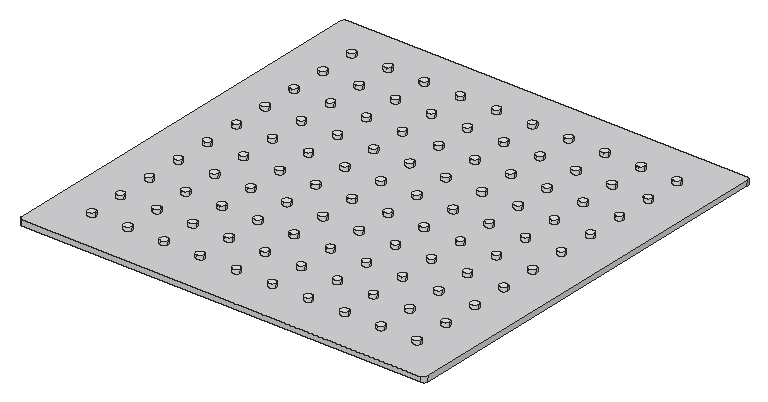
Revit family "Shower-Showerhead-KOHLER-Xpress_Katalyst-K-73038T_1", category Plumbing Fixtures, host Face, Revit 2017
Family settings
  Host = Face
  Round Connector Dimension = Use Diameter
  Part Type = Normal
  OmniClass Number = 23.31.17.00
  OmniClass Title = Showers
  Cut with Voids When Loaded = No
  Shared = No
  Room Calculation Point = No
Parameters (values of type "CP-Polished Chrome")
  Width = 8"  # constant formula
  WaterSense Certified = 1 = 0  # no
  Waste Water Outlet = "Waste Water Outlet"  # constant formula
  Waste Connection = 1 = 0  # no
  Vent Connection = 1 = 0  # no
  URL = "http://www.kohler.com.cn/"
  Type = 1
  Tempered Water Inlet = "Tempered Water Inlet"  # constant formula
  Product Page URL = "https://www.kohler.com.cn/product/K-73038T-CL-CP/K-73038T-CL-CP/"
  Product Name = "Xpress_Katalyst"  # constant formula
  Product Documentation Link = "https://files.kohler.com.cn/pdfs/ri-73038T.pdf"
  Pressure = 0.00 psi
  Model = if(Type = 1, "K-73038T-CL-CP", "NA")  # "K-73038T-CL-CP"
  Material = "Premium Metal Construction"  # constant formula
  Master Format 2014 Name = "Residential Showers"  # constant formula
  Master Format 2014 = "22 42 23"  # constant formula
  Manufacturer Address = "Kohler Beijing Office (100016) 36-2-03-B, No. 88, Liuxiang Road, Beijing"  # constant formula
  Manufacturer = "KOHLER Co."  # constant formula
  Length = 7 255/256"  # constant formula
  Hot Water Inlet = "Hot Water Inlet"  # constant formula
  Height = 2 53/128"  # constant formula
  HW Connection = 1 = 1  # yes
  Flow Rate = 0 GPM
  Finish = Kohler-Metal-CP-Polished_Chrome
  Environmental Product Declaration = ""
  Drain Included = 1 = 0  # no
  Description = "Rain shower 8"  # constant formula
  Default Elevation = 0"
  Declare Label = ""
  Date Modified = "10/09/2020"  # constant formula
  Date Created = "10/09/2020"  # constant formula
  Copyright = "Copyright KOHLER Co."  # constant formula
  Contact Us = "http://www.kohler.com.cn/contact/contact-us/"
  Cold Water Inlet = "Cold Water Inlet"  # constant formula
  CW Connection = 1 = 0  # no
  Assembly Code = "D2010700"
  ADA Compliant = 1 = 0  # no
Reference planes (in)
  plane 1 "Center (Front/Back)": y = 0
  plane 2: z = 0
  plane 3 "Center (Left/Right)": x = 0
  plane 4: y = 3.99796
  plane 5: y = -3.99814
  plane 6: x = -3.99882
  plane 7: x = 4.00118
  plane 8: z = 2.41406
  plane 9: z = 2.06305
  plane 10: z = 2.35433
  plane 11: z = 2.25998
Dimensions and locks (in)
  "Length": plane 4 to plane 5
  "Width": plane 6 to plane 7
  plane 10 to level = 2.35433"
  "Height": plane 8 to level
  plane 7 to plane 6 = 8"
  aligned and locked: plane 2 to host face
  aligned and locked: level to host face
Automatic sketch dimensions
  host sketch curve to host sketch curve = 96"  (x2)
Nested families (in)
  nested 1: "K-73038T" at (0, 0, 0), type "K-73038T"
Connectors (in)
  piping at (0, 0, 0), diameter 0.5, driven by "Flow Rate", driven by "HW Connection", driven by "Tempered Water Inlet"
    settings: on nested 1, index 1, connector inside diameter 24", connector length 0", flow factor 0, pipe flow 0 GPM, pressure drop 0.00 psi, fitting loss kfactor 0, connector angle 0.00°, fixture units 0, engagement length 0", angle of deflection 0.00°, flow configuration 0, flow direction 1, fitting loss method 0, system type 19, joint type 0, gender type 0, connector reference index -1, connector utility 1, adjustable connector no, is connector primary yes, connector description "Tempered Water Inlet"
Definition of nested family "K-73038T"
  Parameters (values of type "K-73038T")
    Material = none
  Reference planes (in)
    plane 1 "Center (Front/Back)": y = 0
    plane 2: z = 0
    plane 3 "Center (Left/Right)": x = 0
    plane 4: y = 3.99796
    plane 5: y = 3.74771
    plane 6: y = 3.19602
    plane 7: y = 2.4857
    plane 8: y = 1.77503
    plane 9: y = 1.06448
    plane 10: y = 0.35342
    plane 11: y = -3.99796
    plane 12: y = -3.74771
    plane 13: y = -3.19602
    plane 14: y = -2.4857
    plane 15: y = -1.77503
    plane 16: y = -1.06448
    plane 17: y = -0.35342
    plane 18: x = -3.99882
    plane 19: x = -3.19731
    plane 20: x = -2.48577
    plane 21: x = -1.77542
    plane 22: x = -1.06421
    plane 23: x = -0.35406
    plane 24: x = 3.99882
    plane 25: x = 3.19731
    plane 26: x = 2.48577
    plane 27: x = 1.77542
    plane 28: x = 1.06421
    plane 29: x = 0.35406
    plane 30: x = -3.74858
    plane 31: x = 3.74858
    plane 32: y = 2.98824
    plane 33: y = -2.98824
    plane 34: x = -2.90805
    plane 35: x = 2.90805
    plane 36: z = 2.41382
    plane 37: z = 2.30714
    plane 38: z = 2.35438
    plane 39: z = 2.25998
    plane 40: z = 2.24243
    plane 41: z = 2.08265
    plane 42: z = 2.06305
    plane 43: x = -0.71734
    plane 44: x = -0.6878
    plane 45: z = 0.98431
    plane 46: z = 0.86725
    plane 47: z = 0.74899
    plane 48: z = 0.5369
    plane 49: z = 0.02031
    plane 50: x = -0.49488
    plane 51: x = -0.45355
    plane 52: y = 0.71648
    plane 53: y = 0.20182
    plane 54: y = -0.20182
    plane 55: z = 0.16934
    plane 56: y = -0.71648
    plane 57: y = 0.49402
    plane 58: y = -0.49402
    plane 59: x = 0.71734
    plane 60: x = 0.6878
    plane 61: x = 0.49488
    plane 62: x = 0.45355
    plane 63: z = 1.45675
  Forms (in)
    Revolve 1, solid, material <- "Material", detail levels medium+fine
      sketch origin (-0.00366, 0, -0.0022) x (1, 0, 0) y (0, 0, 1)
        loop
          line (-0.47125, 0.00226) -> (0.00484, 0.00226) -> (0.00484, 2.16981) -> (-0.71368, 2.16981) -> (-0.71368, 0.9865) -> (-0.4358, 0.9865)
          arc (-0.4358, 0.9865) -> (-0.38706, 0.92397) -> (-0.32964, 0.86928) r 0.53745
          arc (-0.32964, 0.86928) -> (-0.30497, 0.80504) -> (-0.34757, 0.751) r 0.06961
          arc (-0.34757, 0.751) -> (-0.45197, 0.66617) -> (-0.49122, 0.53751) r 0.23047
          line (-0.49122, 0.53751) -> (-0.49122, 0.02223)
          arc (-0.49122, 0.02223) -> (-0.48537, 0.00811) -> (-0.47125, 0.00226) r 0.01997
        axis (0.00484, 2.16981) -> (0.00484, 0.00226)
      angle from 0 to 360
    Extrusion 2, solid, detail levels medium+fine
      sketch origin (0, 0, -0.33618) x (1, 0, 0) y (0, 1, 0)
        loop
          circle (3.19914, -3.1995) r 0.07415
        loop
          circle (2.48792, -3.1995) r 0.07415
        loop
          circle (1.77777, -3.1995) r 0.07415
        loop
          circle (1.06656, -3.1995) r 0.07415
        loop
          circle (0.35716, -3.1995) r 0.07415
        loop
          circle (-0.35406, -3.1995) r 0.07415
        loop
          circle (-1.06421, -3.1995) r 0.07415
        loop
          circle (-1.77542, -3.1995) r 0.07415
        loop
          circle (-2.4861, -3.1995) r 0.07415
        loop
          circle (-3.19731, -3.1995) r 0.07415
        loop
          circle (3.19914, -2.49072) r 0.07415
        loop
          circle (2.48792, -2.49072) r 0.07415
        loop
          circle (1.77777, -2.49072) r 0.07415
        loop
          circle (1.06656, -2.49072) r 0.07415
        loop
          circle (0.35716, -2.49072) r 0.07415
        loop
          circle (-0.35406, -2.49072) r 0.07415
        loop
          circle (-1.06421, -2.49072) r 0.07415
        loop
          circle (-1.77542, -2.49072) r 0.07415
        loop
          circle (-2.4861, -2.49072) r 0.07415
        loop
          circle (-3.19731, -2.49072) r 0.07415
        loop
          circle (3.20011, -1.77885) r 0.07415
        loop
          circle (2.4889, -1.77885) r 0.07415
        loop
          circle (1.77874, -1.77885) r 0.07415
        loop
          circle (1.06753, -1.77885) r 0.07415
        loop
          circle (0.35813, -1.77885) r 0.07415
        loop
          circle (-0.35308, -1.77885) r 0.07415
        loop
          circle (-1.06323, -1.77885) r 0.07415
        loop
          circle (-1.77445, -1.77885) r 0.07415
        loop
          circle (-2.48512, -1.77885) r 0.07415
        loop
          circle (-3.19633, -1.77885) r 0.07415
        loop
          circle (3.19914, -1.06793) r 0.07415
        loop
          circle (2.48792, -1.06793) r 0.07415
        loop
          circle (1.77777, -1.06793) r 0.07415
        loop
          circle (1.06656, -1.06793) r 0.07415
        loop
          circle (0.35716, -1.06793) r 0.07415
        loop
          circle (-0.35406, -1.06793) r 0.07415
        loop
          circle (-1.06421, -1.06793) r 0.07415
        loop
          circle (-1.77542, -1.06793) r 0.07415
        loop
          circle (-2.4861, -1.06793) r 0.07415
        loop
          circle (-3.19731, -1.06793) r 0.07415
        loop
          circle (3.19914, -0.3569) r 0.07415
        loop
          circle (2.48792, -0.3569) r 0.07415
        loop
          circle (1.77777, -0.3569) r 0.07415
        loop
          circle (1.06656, -0.3569) r 0.07415
        loop
          circle (0.35716, -0.3569) r 0.07415
        loop
          circle (-0.35406, -0.3569) r 0.07415
        loop
          circle (-1.06421, -0.3569) r 0.07415
        loop
          circle (-1.77542, -0.3569) r 0.07415
        loop
          circle (-2.4861, -0.3569) r 0.07415
        loop
          circle (-3.19731, -0.3569) r 0.07415
        loop
          circle (3.19914, 0.35342) r 0.07415
        loop
          circle (2.48792, 0.35342) r 0.07415
        loop
          circle (1.77777, 0.35342) r 0.07415
        loop
          circle (1.06656, 0.35342) r 0.07415
        loop
          circle (0.35716, 0.35342) r 0.07415
        loop
          circle (-0.35406, 0.35342) r 0.07415
        loop
          circle (-1.06421, 0.35342) r 0.07415
        loop
          circle (-1.77542, 0.35342) r 0.07415
        loop
          circle (-2.4861, 0.35342) r 0.07415
        loop
          circle (-3.19731, 0.35342) r 0.07415
        loop
          circle (3.19914, 1.06448) r 0.07415
        loop
          circle (2.48792, 1.06448) r 0.07415
        loop
          circle (1.77777, 1.06448) r 0.07415
        loop
          circle (1.06656, 1.06448) r 0.07415
        loop
          circle (0.35716, 1.06448) r 0.07415
        loop
          circle (-0.35406, 1.06448) r 0.07415
        loop
          circle (-1.06421, 1.06448) r 0.07415
        loop
          circle (-1.77542, 1.06448) r 0.07415
        loop
          circle (-2.4861, 1.06448) r 0.07415
        loop
          circle (-3.19731, 1.06448) r 0.07415
        loop
          circle (3.19914, 1.77503) r 0.07415
        loop
          circle (2.48792, 1.77503) r 0.07415
        loop
          circle (1.77777, 1.77503) r 0.07415
        loop
          circle (1.06656, 1.77503) r 0.07415
        loop
          circle (0.35716, 1.77503) r 0.07415
        loop
          circle (-0.35406, 1.77503) r 0.07415
        loop
          circle (-1.06421, 1.77503) r 0.07415
        loop
          circle (-1.77542, 1.77503) r 0.07415
        loop
          circle (-2.4861, 1.77503) r 0.07415
        loop
          circle (-3.19731, 1.77503) r 0.07415
        loop
          circle (3.19914, 2.4857) r 0.07415
        loop
          circle (2.48792, 2.4857) r 0.07415
        loop
          circle (1.77777, 2.4857) r 0.07415
        loop
          circle (1.06656, 2.4857) r 0.07415
        loop
          circle (0.35716, 2.4857) r 0.07415
        loop
          circle (-0.35406, 2.4857) r 0.07415
        loop
          circle (-1.06421, 2.4857) r 0.07415
        loop
          circle (-1.77542, 2.4857) r 0.07415
        loop
          circle (-2.4861, 2.4857) r 0.07415
        loop
          circle (-3.19731, 2.4857) r 0.07415
        loop
          circle (3.19914, 3.19602) r 0.07415
        loop
          circle (2.48792, 3.19602) r 0.07415
        loop
          circle (1.77777, 3.19602) r 0.07415
        loop
          circle (1.06656, 3.19602) r 0.07415
        loop
          circle (0.35716, 3.19602) r 0.07415
        loop
          circle (-0.35406, 3.19602) r 0.07415
        loop
          circle (-1.06421, 3.19602) r 0.07415
        loop
          circle (-1.77542, 3.19602) r 0.07415
        loop
          circle (-2.4861, 3.19602) r 0.07415
        loop
          circle (-3.19731, 3.19602) r 0.07415
      from 2.66005 to 2.75
    Extrusion 3, solid, material <- "Material", detail levels medium+fine
      sketch origin (0, 0, -0.0022) x (1, 0, 0) y (0, 1, 0)
        loop
          line (-3.92013, -4.00204) -> (3.92223, -4.00204)
          arc (3.92223, -4.00204) -> (3.97805, -3.97892) -> (4.00118, -3.92309) r 0.07895
          line (4.00118, -3.92309) -> (4.00118, 3.91853)
          arc (4.00118, 3.91853) -> (3.97791, 3.97469) -> (3.92175, 3.99796) r 0.07943
          line (3.92175, 3.99796) -> (-3.9201, 3.99796)
          arc (-3.9201, 3.99796) -> (-3.97577, 3.9749) -> (-3.99882, 3.91924) r 0.07872
          line (-3.99882, 3.91924) -> (-3.99882, -3.92335)
          arc (-3.99882, -3.92335) -> (-3.97577, -3.97899) -> (-3.92013, -4.00204) r 0.07869
      from 2.26218 to 2.35658
    Sweep 4, solid, material <- "Material", detail levels medium+fine
      path origin (0, 0, -0.0022) x (1, 0, 0) y (0, 1, 0)
        loop
          line (4.00118, -4.00204) -> (4.00118, 3.99796) -> (-3.99882, 3.99796) -> (-3.99882, -4.00204) -> (4.00118, -4.00204)
      profile origin (4.00118, -0.00204, -0.0022) x (-1, 0, 0) y (0, 0, 1)
        loop
          line (1.00972, 2.06524) -> (1.09096, 2.06524) -> (1.09096, 2.26218) -> (0.25025, 2.26218)
          arc (0.25025, 2.26218) -> (0.30865, 2.25776) -> (0.36573, 2.2446) r 0.3882
          line (0.36573, 2.2446) -> (0.87611, 2.08558)
          arc (0.87611, 2.08558) -> (0.94215, 2.07035) -> (1.00972, 2.06524) r 0.44914
    Extrusion 5, solid, material <- "Material", detail levels medium+fine
      sketch origin (0, 0, -0.0022) x (1, 0, 0) y (0, 1, 0)
        loop
          line (2.91021, 2.90699) -> (-2.90786, 2.90699) -> (-2.90786, -2.91108) -> (2.91021, -2.91108) -> (2.91021, 2.90699)
      from 2.06524 to 2.26218
    Extrusion 6, solid, material <- "Material", detail levels medium+fine
      sketch origin (0, 0, 0) x (1, 0, 0) y (0, 1, 0)
        loop
          circle (0, 0) r 0.25
      from 0 to 0.08537
    Extrusion 7, solid, material <- "Material", detail levels coarse
      sketch origin (0, 0, 0) x (1, 0, 0) y (0, 1, 0)
        loop
          circle (-0.03744, -0.04065) r 1.25
      from 0 to 2.32387
    Extrusion 8, solid, material <- "Material", detail levels coarse
      sketch origin (0, 0, 0) x (0, 1, 0) y (0, 0, 1)
        loop
          line (-4.03712, 2.53175) -> (-4.03712, 2.03175) -> (4.05184, 2.03175) -> (4.05184, 2.53175) -> (-4.03712, 2.53175)
      from -3.99882 to 4.00118
    Extrusion 9, void
      sketch origin (0, 0, 0) x (1, 0, 0) y (0, 0, 1)
        loop
          line (0.51051, 0.74899) -> (0.45355, 0.74899) -> (0.45355, 0.12247) -> (0.51051, 0.12247) -> (0.51051, 0.74899)
        loop
          line (-0.74859, 1.45675) -> (-0.74859, 0.98431) -> (-0.6878, 0.98431) -> (-0.6878, 1.45675) -> (-0.74859, 1.45675)
        loop
          line (-0.45355, 0.74899) -> (-0.51051, 0.74899) -> (-0.51051, 0.12247) -> (-0.45355, 0.12247) -> (-0.45355, 0.74899)
        loop
          line (0.73297, 1.45675) -> (0.6878, 1.45675) -> (0.6878, 0.98431) -> (0.73297, 0.98431) -> (0.73297, 1.45675)
      from -0.4281 to 0.46176
  Cuts and joins
    Extrusion 9 cuts Revolve 1
    joined: Revolve 1, Extrusion 3, Sweep 4, Extrusion 5
    joined: Extrusion 7, Extrusion 8
  Lines and regions (in)
    Masking region 1
      outline origin (0, 0, 0) x (1, 0, 0) y (0, 1, 0)
        loop
          line (3.9223, 3.99796) -> (-3.91944, 3.99796)
          arc (-3.91944, 3.99796) -> (-3.97557, 3.97471) -> (-3.99882, 3.91857) r 0.07939
          line (-3.99882, 3.91857) -> (-3.99882, -3.92251)
          arc (-3.99882, -3.92251) -> (-3.97553, -3.97875) -> (-3.91929, -4.00204) r 0.07953
          line (-3.91929, -4.00204) -> (3.92151, -4.00204)
          arc (3.92151, -4.00204) -> (3.97784, -3.97871) -> (4.00118, -3.92237) r 0.07967
          line (4.00118, -3.92237) -> (4.00118, 3.91908)
          arc (4.00118, 3.91908) -> (3.97808, 3.97486) -> (3.9223, 3.99796) r 0.07888
    Masking region 2
      outline origin (0, 0, 0) x (1, 0, 0) y (0, 0, 1)
        loop
          line (-3.99882, 2.35438) -> (-3.99882, 2.30714) -> (-3.99882, 2.25998) -> (-3.74849, 2.25998)
          arc (-3.74849, 2.25998) -> (-3.69017, 2.25557) -> (-3.63318, 2.24243) r 0.38761
          line (-3.63318, 2.24243) -> (-3.12199, 2.08315)
          arc (-3.12199, 2.08315) -> (-3.05668, 2.0681) -> (-2.98986, 2.06305) r 0.44417
          line (-2.98986, 2.06305) -> (-0.71734, 2.06305) -> (-0.71734, 1.45675) -> (-0.6878, 1.44771) -> (-0.6878, 0.98431) -> (-0.43947, 0.98431)
          arc (-0.43947, 0.98431) -> (-0.39072, 0.92177) -> (-0.3333, 0.86709) r 0.53745
          arc (-0.3333, 0.86709) -> (-0.30866, 0.80267) -> (-0.35156, 0.74867) r 0.06961
          arc (-0.35156, 0.74867) -> (-0.40158, 0.72101) -> (-0.44328, 0.68192) r 0.23115
          arc (-0.44328, 0.68192) -> (-0.4509, 0.66862) -> (-0.45355, 0.65353) r 0.0444
          line (-0.45355, 0.65353) -> (-0.45355, 0.16934) -> (-0.49488, 0.12801) -> (-0.49488, 0.02003)
          arc (-0.49488, 0.02003) -> (-0.48903, 0.00591) -> (-0.47491, 0.00006) r 0.01997
          line (-0.47491, 0.00006) -> (0.47491, 0.00006)
          arc (0.47491, 0.00006) -> (0.48903, 0.00591) -> (0.49488, 0.02003) r 0.01997
          line (0.49488, 0.02003) -> (0.49488, 0.13045) -> (0.45355, 0.17179) -> (0.45355, 0.65353)
          arc (0.45355, 0.65353) -> (0.4509, 0.66862) -> (0.44328, 0.68192) r 0.0444
          arc (0.44328, 0.68192) -> (0.40158, 0.72101) -> (0.35156, 0.74867) r 0.23115
          arc (0.35156, 0.74867) -> (0.30866, 0.80267) -> (0.3333, 0.86709) r 0.06961
          arc (0.3333, 0.86709) -> (0.39072, 0.92177) -> (0.43947, 0.98431) r 0.53745
          line (0.43947, 0.98431) -> (0.6878, 0.98431) -> (0.6878, 1.447) -> (0.71734, 1.45604) -> (0.71734, 2.06305) -> (2.98986, 2.06305)
          arc (2.98986, 2.06305) -> (3.05668, 2.0681) -> (3.12199, 2.08315) r 0.44417
          line (3.12199, 2.08315) -> (3.63318, 2.24243)
          arc (3.63318, 2.24243) -> (3.69017, 2.25557) -> (3.74849, 2.25998) r 0.38761
          line (3.74849, 2.25998) -> (3.99882, 2.25998) -> (3.99882, 2.30714) -> (3.99882, 2.35438) -> (3.27145, 2.35438) -> (3.27145, 2.41382) -> (3.12174, 2.41382) -> (3.12174, 2.35438) -> (2.56082, 2.35438) -> (2.56082, 2.41382) -> (2.41111, 2.41382) -> (2.41111, 2.35438) -> (1.8502, 2.35438) -> (1.8502, 2.41382) -> (1.70049, 2.41382) -> (1.70049, 2.35438) -> (1.13958, 2.35438) -> (1.13958, 2.41382) -> (0.98986, 2.41382) -> (0.98986, 2.35438) -> (0.42896, 2.35438) -> (0.42896, 2.41382) -> (0.27925, 2.41382) -> (0.27925, 2.35438) -> (-0.27925, 2.35438) -> (-0.27925, 2.41382) -> (-0.42896, 2.41382) -> (-0.42896, 2.35438) -> (-0.98986, 2.35438) -> (-0.98986, 2.41382) -> (-1.13958, 2.41382) -> (-1.13958, 2.35438) -> (-1.70049, 2.35438) -> (-1.70049, 2.41382) -> (-1.8502, 2.41382) -> (-1.8502, 2.35438) -> (-2.41111, 2.35438) -> (-2.41111, 2.41382) -> (-2.56082, 2.41382) -> (-2.56082, 2.35438) -> (-3.12174, 2.35438) -> (-3.12174, 2.41382) -> (-3.27145, 2.41382) -> (-3.27145, 2.35438) -> (-3.99882, 2.35438)
    Masking region 3
      outline origin (0, 0, 0) x (0, 1, 0) y (0, 0, 1)
        loop
          line (3.99796, 2.35438) -> (3.27059, 2.35438) -> (3.27059, 2.41382) -> (3.12088, 2.41382) -> (3.12088, 2.35438) -> (2.55996, 2.35438) -> (2.55996, 2.41382) -> (2.41025, 2.41382) -> (2.41025, 2.35438) -> (1.84934, 2.35438) -> (1.84934, 2.41382) -> (1.69962, 2.41382) -> (1.69962, 2.35438) -> (1.13871, 2.35438) -> (1.13871, 2.41382) -> (0.989, 2.41382) -> (0.989, 2.35438) -> (0.4281, 2.35438) -> (0.4281, 2.41382) -> (0.27839, 2.41382) -> (0.27839, 2.35438) -> (-0.28011, 2.35438) -> (-0.28011, 2.41382) -> (-0.42983, 2.41382) -> (-0.42983, 2.35438) -> (-0.99073, 2.35438) -> (-0.99073, 2.41382) -> (-1.14044, 2.41382) -> (-1.14044, 2.35438) -> (-1.70135, 2.35438) -> (-1.70135, 2.41382) -> (-1.85106, 2.41382) -> (-1.85106, 2.35438) -> (-2.41198, 2.35438) -> (-2.41198, 2.41382) -> (-2.56169, 2.41382) -> (-2.56169, 2.35438) -> (-3.12261, 2.35438) -> (-3.12261, 2.41382) -> (-3.27232, 2.41382) -> (-3.27232, 2.35438) -> (-3.99969, 2.35438) -> (-3.99969, 2.30714) -> (-3.99969, 2.25998) -> (-3.74935, 2.25998)
          arc (-3.74935, 2.25998) -> (-3.69103, 2.25557) -> (-3.63405, 2.24243) r 0.38761
          line (-3.63405, 2.24243) -> (-3.12285, 2.08315)
          arc (-3.12285, 2.08315) -> (-3.05755, 2.0681) -> (-2.99072, 2.06305) r 0.44417
          line (-2.99072, 2.06305) -> (-0.71648, 2.06305) -> (-0.71648, 0.98431) -> (-0.44277, 0.98431)
          arc (-0.44277, 0.98431) -> (-0.39402, 0.92177) -> (-0.33661, 0.86709) r 0.53745
          arc (-0.33661, 0.86709) -> (-0.31197, 0.80267) -> (-0.35487, 0.74867) r 0.06961
          arc (-0.35487, 0.74867) -> (-0.44432, 0.6846) -> (-0.49402, 0.58644) r 0.23115
          line (-0.49402, 0.58644) -> (-0.49402, 0.02003)
          arc (-0.49402, 0.02003) -> (-0.48817, 0.00591) -> (-0.47405, 0.00006) r 0.01997
          line (-0.47405, 0.00006) -> (0.47405, 0.00006)
          arc (0.47405, 0.00006) -> (0.48817, 0.00591) -> (0.49402, 0.02003) r 0.01997
          line (0.49402, 0.02003) -> (0.49402, 0.56315)
          arc (0.49402, 0.56315) -> (0.44762, 0.67543) -> (0.3507, 0.74867) r 0.23115
          arc (0.3507, 0.74867) -> (0.3078, 0.80267) -> (0.33244, 0.86709) r 0.06961
          arc (0.33244, 0.86709) -> (0.38985, 0.92177) -> (0.4386, 0.98431) r 0.53745
          line (0.4386, 0.98431) -> (0.71648, 0.98431) -> (0.71648, 2.06305) -> (2.989, 2.06305)
          arc (2.989, 2.06305) -> (3.05582, 2.0681) -> (3.12112, 2.08315) r 0.44417
          line (3.12112, 2.08315) -> (3.63232, 2.24243)
          arc (3.63232, 2.24243) -> (3.68931, 2.25557) -> (3.74762, 2.25998) r 0.38761
          line (3.74762, 2.25998) -> (3.99796, 2.25998) -> (3.99796, 2.30714) -> (3.99796, 2.35438)
    symbolic lines, detail levels medium+fine
      curve 1: circle (-3.19691, 3.19589, 0) r 0.07258 normal (0, 0, 1)
      curve 2: circle (-3.19691, 3.19589, 0) r 0.06766 normal (0, 0, 1)
      curve 3: circle (-3.19691, 3.19589, 0) r 0.054 normal (0, 0, 1)
      curve 4: circle (-3.19691, 3.19589, 0) r 0.04622 normal (0, 0, 1)
      curve 5: circle (-2.48577, 3.19589, 0) r 0.07258 normal (0, 0, 1)
      curve 6: circle (-2.48577, 3.19589, 0) r 0.06766 normal (0, 0, 1)
      curve 7: circle (-2.48577, 3.19589, 0) r 0.054 normal (0, 0, 1)
      curve 8: circle (-2.48577, 3.19589, 0) r 0.04622 normal (0, 0, 1)
      curve 9: circle (-1.77521, 3.19589, 0) r 0.07258 normal (0, 0, 1)
      curve 10: circle (-1.77521, 3.19589, 0) r 0.06766 normal (0, 0, 1)
      curve 11: circle (-1.77521, 3.19589, 0) r 0.054 normal (0, 0, 1)
      curve 12: circle (-1.77521, 3.19589, 0) r 0.04622 normal (0, 0, 1)
      curve 13: circle (-1.06451, 3.19589, 0) r 0.07258 normal (0, 0, 1)
      curve 14: circle (-1.06451, 3.19589, 0) r 0.06766 normal (0, 0, 1)
      curve 15: circle (-1.06451, 3.19589, 0) r 0.054 normal (0, 0, 1)
      curve 16: circle (-1.06451, 3.19589, 0) r 0.04622 normal (0, 0, 1)
      curve 17: circle (-0.35388, 3.19589, 0) r 0.07258 normal (0, 0, 1)
      curve 18: circle (-0.35388, 3.19589, 0) r 0.06766 normal (0, 0, 1)
      curve 19: circle (-0.35388, 3.19589, 0) r 0.054 normal (0, 0, 1)
      curve 20: circle (-0.35388, 3.19589, 0) r 0.04622 normal (0, 0, 1)
      curve 21: circle (-3.19691, 2.48557, 0) r 0.07258 normal (0, 0, 1)
      curve 22: circle (-3.19691, 2.48557, 0) r 0.06766 normal (0, 0, 1)
      curve 23: circle (-3.19691, 2.48557, 0) r 0.054 normal (0, 0, 1)
      curve 24: circle (-3.19691, 2.48557, 0) r 0.04622 normal (0, 0, 1)
      curve 25: circle (-2.48577, 2.48557, 0) r 0.07258 normal (0, 0, 1)
      curve 26: circle (-2.48577, 2.48557, 0) r 0.06766 normal (0, 0, 1)
      curve 27: circle (-2.48577, 2.48557, 0) r 0.054 normal (0, 0, 1)
      curve 28: circle (-2.48577, 2.48557, 0) r 0.04622 normal (0, 0, 1)
      curve 29: circle (-1.77521, 2.48557, 0) r 0.07258 normal (0, 0, 1)
      curve 30: circle (-1.77521, 2.48557, 0) r 0.06766 normal (0, 0, 1)
      curve 31: circle (-1.77521, 2.48557, 0) r 0.054 normal (0, 0, 1)
      curve 32: circle (-1.77521, 2.48557, 0) r 0.04622 normal (0, 0, 1)
      curve 33: circle (-1.06451, 2.48557, 0) r 0.07258 normal (0, 0, 1)
      curve 34: circle (-1.06451, 2.48557, 0) r 0.06766 normal (0, 0, 1)
      curve 35: circle (-1.06451, 2.48557, 0) r 0.054 normal (0, 0, 1)
      curve 36: circle (-1.06451, 2.48557, 0) r 0.04622 normal (0, 0, 1)
      curve 37: circle (-0.35388, 2.48557, 0) r 0.07258 normal (0, 0, 1)
      curve 38: circle (-0.35388, 2.48557, 0) r 0.06766 normal (0, 0, 1)
      curve 39: circle (-0.35388, 2.48557, 0) r 0.054 normal (0, 0, 1)
      curve 40: circle (-0.35388, 2.48557, 0) r 0.04622 normal (0, 0, 1)
      curve 41: circle (-3.19691, 1.77458, 0) r 0.07258 normal (0, 0, 1)
      curve 42: circle (-3.19691, 1.77458, 0) r 0.06766 normal (0, 0, 1)
      curve 43: circle (-3.19691, 1.77458, 0) r 0.054 normal (0, 0, 1)
      curve 44: circle (-3.19691, 1.77458, 0) r 0.04622 normal (0, 0, 1)
      curve 45: circle (-2.48577, 1.77458, 0) r 0.07258 normal (0, 0, 1)
      curve 46: circle (-2.48577, 1.77458, 0) r 0.06766 normal (0, 0, 1)
      curve 47: circle (-2.48577, 1.77458, 0) r 0.054 normal (0, 0, 1)
      curve 48: circle (-2.48577, 1.77458, 0) r 0.04622 normal (0, 0, 1)
      curve 49: circle (-1.77521, 1.77458, 0) r 0.07258 normal (0, 0, 1)
      curve 50: circle (-1.77521, 1.77458, 0) r 0.06766 normal (0, 0, 1)
      curve 51: circle (-1.77521, 1.77458, 0) r 0.054 normal (0, 0, 1)
      curve 52: circle (-1.77521, 1.77458, 0) r 0.04622 normal (0, 0, 1)
      curve 53: circle (-1.06451, 1.77458, 0) r 0.07258 normal (0, 0, 1)
      curve 54: circle (-1.06451, 1.77458, 0) r 0.06766 normal (0, 0, 1)
      curve 55: circle (-1.06451, 1.77458, 0) r 0.054 normal (0, 0, 1)
      curve 56: circle (-1.06451, 1.77458, 0) r 0.04622 normal (0, 0, 1)
      curve 57: circle (-0.35388, 1.77458, 0) r 0.07258 normal (0, 0, 1)
      curve 58: circle (-0.35388, 1.77458, 0) r 0.06766 normal (0, 0, 1)
      curve 59: circle (-0.35388, 1.77458, 0) r 0.054 normal (0, 0, 1)
      curve 60: circle (-0.35388, 1.77458, 0) r 0.04622 normal (0, 0, 1)
      curve 61: circle (-3.19691, 1.06411, 0) r 0.07258 normal (0, 0, 1)
      curve 62: circle (-3.19691, 1.06411, 0) r 0.06766 normal (0, 0, 1)
      curve 63: circle (-3.19691, 1.06411, 0) r 0.054 normal (0, 0, 1)
      curve 64: circle (-3.19691, 1.06411, 0) r 0.04622 normal (0, 0, 1)
      curve 65: circle (-2.48577, 1.06411, 0) r 0.07258 normal (0, 0, 1)
      curve 66: circle (-2.48577, 1.06411, 0) r 0.06766 normal (0, 0, 1)
      curve 67: circle (-2.48577, 1.06411, 0) r 0.054 normal (0, 0, 1)
      curve 68: circle (-2.48577, 1.06411, 0) r 0.04622 normal (0, 0, 1)
      curve 69: circle (-1.77521, 1.06411, 0) r 0.07258 normal (0, 0, 1)
      curve 70: circle (-1.77521, 1.06411, 0) r 0.06766 normal (0, 0, 1)
      curve 71: circle (-1.77521, 1.06411, 0) r 0.054 normal (0, 0, 1)
      curve 72: circle (-1.77521, 1.06411, 0) r 0.04622 normal (0, 0, 1)
      curve 73: circle (-1.06451, 1.06411, 0) r 0.07258 normal (0, 0, 1)
      curve 74: circle (-1.06451, 1.06411, 0) r 0.06766 normal (0, 0, 1)
      curve 75: circle (-1.06451, 1.06411, 0) r 0.054 normal (0, 0, 1)
      curve 76: circle (-1.06451, 1.06411, 0) r 0.04622 normal (0, 0, 1)
      curve 77: circle (-0.35388, 1.06411, 0) r 0.07258 normal (0, 0, 1)
      curve 78: circle (-0.35388, 1.06411, 0) r 0.06766 normal (0, 0, 1)
      curve 79: circle (-0.35388, 1.06411, 0) r 0.054 normal (0, 0, 1)
      curve 80: circle (-0.35388, 1.06411, 0) r 0.04622 normal (0, 0, 1)
      curve 81: circle (-3.19691, 0.3534, 0) r 0.07258 normal (0, 0, 1)
      curve 82: circle (-3.19691, 0.3534, 0) r 0.06766 normal (0, 0, 1)
      curve 83: circle (-3.19691, 0.3534, 0) r 0.054 normal (0, 0, 1)
      curve 84: circle (-3.19691, 0.3534, 0) r 0.04622 normal (0, 0, 1)
      curve 85: circle (-2.48577, 0.3534, 0) r 0.07258 normal (0, 0, 1)
      curve 86: circle (-2.48577, 0.3534, 0) r 0.06766 normal (0, 0, 1)
      curve 87: circle (-2.48577, 0.3534, 0) r 0.054 normal (0, 0, 1)
      curve 88: circle (-2.48577, 0.3534, 0) r 0.04622 normal (0, 0, 1)
      curve 89: circle (-1.77521, 0.3534, 0) r 0.07258 normal (0, 0, 1)
      curve 90: circle (-1.77521, 0.3534, 0) r 0.06766 normal (0, 0, 1)
      curve 91: circle (-1.77521, 0.3534, 0) r 0.054 normal (0, 0, 1)
      curve 92: circle (-1.77521, 0.3534, 0) r 0.04622 normal (0, 0, 1)
      curve 93: circle (-1.06451, 0.3534, 0) r 0.07258 normal (0, 0, 1)
      curve 94: circle (-1.06451, 0.3534, 0) r 0.06766 normal (0, 0, 1)
      curve 95: circle (-1.06451, 0.3534, 0) r 0.054 normal (0, 0, 1)
      curve 96: circle (-1.06451, 0.3534, 0) r 0.04622 normal (0, 0, 1)
      curve 97: circle (-0.35388, 0.3534, 0) r 0.07258 normal (0, 0, 1)
      curve 98: circle (-0.35388, 0.3534, 0) r 0.06766 normal (0, 0, 1)
      curve 99: circle (-0.35388, 0.3534, 0) r 0.054 normal (0, 0, 1)
      curve 100: circle (-0.35388, 0.3534, 0) r 0.04622 normal (0, 0, 1)
      curve 101: circle (-3.19691, -3.19589, 0) r 0.07258 normal (0, 0, -1)
      curve 102: circle (-3.19691, -3.19589, 0) r 0.06766 normal (0, 0, -1)
      curve 103: circle (-3.19691, -3.19589, 0) r 0.054 normal (0, 0, -1)
      curve 104: circle (-3.19691, -3.19589, 0) r 0.04622 normal (0, 0, -1)
      curve 105: circle (-2.48577, -3.19589, 0) r 0.07258 normal (0, 0, -1)
      curve 106: circle (-2.48577, -3.19589, 0) r 0.06766 normal (0, 0, -1)
      curve 107: circle (-2.48577, -3.19589, 0) r 0.054 normal (0, 0, -1)
      curve 108: circle (-2.48577, -3.19589, 0) r 0.04622 normal (0, 0, -1)
      curve 109: circle (-1.77521, -3.19589, 0) r 0.07258 normal (0, 0, -1)
      curve 110: circle (-1.77521, -3.19589, 0) r 0.06766 normal (0, 0, -1)
      curve 111: circle (-1.77521, -3.19589, 0) r 0.054 normal (0, 0, -1)
      curve 112: circle (-1.77521, -3.19589, 0) r 0.04622 normal (0, 0, -1)
      curve 113: circle (-1.06451, -3.19589, 0) r 0.07258 normal (0, 0, -1)
      curve 114: circle (-1.06451, -3.19589, 0) r 0.06766 normal (0, 0, -1)
      curve 115: circle (-1.06451, -3.19589, 0) r 0.054 normal (0, 0, -1)
      curve 116: circle (-1.06451, -3.19589, 0) r 0.04622 normal (0, 0, -1)
      curve 117: circle (-0.35388, -3.19589, 0) r 0.07258 normal (0, 0, -1)
      curve 118: circle (-0.35388, -3.19589, 0) r 0.06766 normal (0, 0, -1)
      curve 119: circle (-0.35388, -3.19589, 0) r 0.054 normal (0, 0, -1)
      curve 120: circle (-0.35388, -3.19589, 0) r 0.04622 normal (0, 0, -1)
      curve 121: circle (-3.19691, -2.48557, 0) r 0.07258 normal (0, 0, -1)
      curve 122: circle (-3.19691, -2.48557, 0) r 0.06766 normal (0, 0, -1)
      curve 123: circle (-3.19691, -2.48557, 0) r 0.054 normal (0, 0, -1)
      curve 124: circle (-3.19691, -2.48557, 0) r 0.04622 normal (0, 0, -1)
      curve 125: circle (-2.48577, -2.48557, 0) r 0.07258 normal (0, 0, -1)
      curve 126: circle (-2.48577, -2.48557, 0) r 0.06766 normal (0, 0, -1)
      curve 127: circle (-2.48577, -2.48557, 0) r 0.054 normal (0, 0, -1)
      curve 128: circle (-2.48577, -2.48557, 0) r 0.04622 normal (0, 0, -1)
      curve 129: circle (-1.77521, -2.48557, 0) r 0.07258 normal (0, 0, -1)
      curve 130: circle (-1.77521, -2.48557, 0) r 0.06766 normal (0, 0, -1)
      curve 131: circle (-1.77521, -2.48557, 0) r 0.054 normal (0, 0, -1)
      curve 132: circle (-1.77521, -2.48557, 0) r 0.04622 normal (0, 0, -1)
      curve 133: circle (-1.06451, -2.48557, 0) r 0.07258 normal (0, 0, -1)
      curve 134: circle (-1.06451, -2.48557, 0) r 0.06766 normal (0, 0, -1)
      curve 135: circle (-1.06451, -2.48557, 0) r 0.054 normal (0, 0, -1)
      curve 136: circle (-1.06451, -2.48557, 0) r 0.04622 normal (0, 0, -1)
      curve 137: circle (-0.35388, -2.48557, 0) r 0.07258 normal (0, 0, -1)
      curve 138: circle (-0.35388, -2.48557, 0) r 0.06766 normal (0, 0, -1)
      curve 139: circle (-0.35388, -2.48557, 0) r 0.054 normal (0, 0, -1)
      curve 140: circle (-0.35388, -2.48557, 0) r 0.04622 normal (0, 0, -1)
      curve 141: circle (-3.19691, -1.77458, 0) r 0.07258 normal (0, 0, -1)
      curve 142: circle (-3.19691, -1.77458, 0) r 0.06766 normal (0, 0, -1)
      curve 143: circle (-3.19691, -1.77458, 0) r 0.054 normal (0, 0, -1)
      curve 144: circle (-3.19691, -1.77458, 0) r 0.04622 normal (0, 0, -1)
      curve 145: circle (-2.48577, -1.77458, 0) r 0.07258 normal (0, 0, -1)
      curve 146: circle (-2.48577, -1.77458, 0) r 0.06766 normal (0, 0, -1)
      curve 147: circle (-2.48577, -1.77458, 0) r 0.054 normal (0, 0, -1)
      curve 148: circle (-2.48577, -1.77458, 0) r 0.04622 normal (0, 0, -1)
      curve 149: circle (-1.77521, -1.77458, 0) r 0.07258 normal (0, 0, -1)
      curve 150: circle (-1.77521, -1.77458, 0) r 0.06766 normal (0, 0, -1)
      curve 151: circle (-1.77521, -1.77458, 0) r 0.054 normal (0, 0, -1)
      curve 152: circle (-1.77521, -1.77458, 0) r 0.04622 normal (0, 0, -1)
      curve 153: circle (-1.06451, -1.77458, 0) r 0.07258 normal (0, 0, -1)
      curve 154: circle (-1.06451, -1.77458, 0) r 0.06766 normal (0, 0, -1)
      curve 155: circle (-1.06451, -1.77458, 0) r 0.054 normal (0, 0, -1)
      curve 156: circle (-1.06451, -1.77458, 0) r 0.04622 normal (0, 0, -1)
      curve 157: circle (-0.35388, -1.77458, 0) r 0.07258 normal (0, 0, -1)
      curve 158: circle (-0.35388, -1.77458, 0) r 0.06766 normal (0, 0, -1)
      curve 159: circle (-0.35388, -1.77458, 0) r 0.054 normal (0, 0, -1)
      curve 160: circle (-0.35388, -1.77458, 0) r 0.04622 normal (0, 0, -1)
      curve 161: circle (-3.19691, -1.06411, 0) r 0.07258 normal (0, 0, -1)
      curve 162: circle (-3.19691, -1.06411, 0) r 0.06766 normal (0, 0, -1)
      curve 163: circle (-3.19691, -1.06411, 0) r 0.054 normal (0, 0, -1)
      curve 164: circle (-3.19691, -1.06411, 0) r 0.04622 normal (0, 0, -1)
      curve 165: circle (-2.48577, -1.06411, 0) r 0.07258 normal (0, 0, -1)
      curve 166: circle (-2.48577, -1.06411, 0) r 0.06766 normal (0, 0, -1)
      curve 167: circle (-2.48577, -1.06411, 0) r 0.054 normal (0, 0, -1)
      curve 168: circle (-2.48577, -1.06411, 0) r 0.04622 normal (0, 0, -1)
      curve 169: circle (-1.77521, -1.06411, 0) r 0.07258 normal (0, 0, -1)
      curve 170: circle (-1.77521, -1.06411, 0) r 0.06766 normal (0, 0, -1)
      curve 171: circle (-1.77521, -1.06411, 0) r 0.054 normal (0, 0, -1)
      curve 172: circle (-1.77521, -1.06411, 0) r 0.04622 normal (0, 0, -1)
      curve 173: circle (-1.06451, -1.06411, 0) r 0.07258 normal (0, 0, -1)
      curve 174: circle (-1.06451, -1.06411, 0) r 0.06766 normal (0, 0, -1)
      curve 175: circle (-1.06451, -1.06411, 0) r 0.054 normal (0, 0, -1)
      curve 176: circle (-1.06451, -1.06411, 0) r 0.04622 normal (0, 0, -1)
      curve 177: circle (-0.35388, -1.06411, 0) r 0.07258 normal (0, 0, -1)
      curve 178: circle (-0.35388, -1.06411, 0) r 0.06766 normal (0, 0, -1)
      curve 179: circle (-0.35388, -1.06411, 0) r 0.054 normal (0, 0, -1)
      curve 180: circle (-0.35388, -1.06411, 0) r 0.04622 normal (0, 0, -1)
      curve 181: circle (-3.19691, -0.3534, 0) r 0.07258 normal (0, 0, -1)
      curve 182: circle (-3.19691, -0.3534, 0) r 0.06766 normal (0, 0, -1)
      curve 183: circle (-3.19691, -0.3534, 0) r 0.054 normal (0, 0, -1)
      curve 184: circle (-3.19691, -0.3534, 0) r 0.04622 normal (0, 0, -1)
      curve 185: circle (-2.48577, -0.3534, 0) r 0.07258 normal (0, 0, -1)
      curve 186: circle (-2.48577, -0.3534, 0) r 0.06766 normal (0, 0, -1)
      curve 187: circle (-2.48577, -0.3534, 0) r 0.054 normal (0, 0, -1)
      curve 188: circle (-2.48577, -0.3534, 0) r 0.04622 normal (0, 0, -1)
      curve 189: circle (-1.77521, -0.3534, 0) r 0.07258 normal (0, 0, -1)
      curve 190: circle (-1.77521, -0.3534, 0) r 0.06766 normal (0, 0, -1)
      curve 191: circle (-1.77521, -0.3534, 0) r 0.054 normal (0, 0, -1)
      curve 192: circle (-1.77521, -0.3534, 0) r 0.04622 normal (0, 0, -1)
      curve 193: circle (-1.06451, -0.3534, 0) r 0.07258 normal (0, 0, -1)
      curve 194: circle (-1.06451, -0.3534, 0) r 0.06766 normal (0, 0, -1)
      curve 195: circle (-1.06451, -0.3534, 0) r 0.054 normal (0, 0, -1)
      curve 196: circle (-1.06451, -0.3534, 0) r 0.04622 normal (0, 0, -1)
      curve 197: circle (-0.35388, -0.3534, 0) r 0.07258 normal (0, 0, -1)
      curve 198: circle (-0.35388, -0.3534, 0) r 0.06766 normal (0, 0, -1)
      curve 199: circle (-0.35388, -0.3534, 0) r 0.054 normal (0, 0, -1)
      curve 200: circle (-0.35388, -0.3534, 0) r 0.04622 normal (0, 0, -1)
      curve 201: circle (3.19691, 3.19589, 0) r 0.07258 normal (0, 0, -1)
      curve 202: circle (3.19691, 3.19589, 0) r 0.06766 normal (0, 0, -1)
      curve 203: circle (3.19691, 3.19589, 0) r 0.054 normal (0, 0, -1)
      curve 204: circle (3.19691, 3.19589, 0) r 0.04622 normal (0, 0, -1)
      curve 205: circle (2.48577, 3.19589, 0) r 0.07258 normal (0, 0, -1)
      curve 206: circle (2.48577, 3.19589, 0) r 0.06766 normal (0, 0, -1)
      curve 207: circle (2.48577, 3.19589, 0) r 0.054 normal (0, 0, -1)
      curve 208: circle (2.48577, 3.19589, 0) r 0.04622 normal (0, 0, -1)
      curve 209: circle (1.77521, 3.19589, 0) r 0.07258 normal (0, 0, -1)
      curve 210: circle (1.77521, 3.19589, 0) r 0.06766 normal (0, 0, -1)
      curve 211: circle (1.77521, 3.19589, 0) r 0.054 normal (0, 0, -1)
      curve 212: circle (1.77521, 3.19589, 0) r 0.04622 normal (0, 0, -1)
      curve 213: circle (1.06451, 3.19589, 0) r 0.07258 normal (0, 0, -1)
      curve 214: circle (1.06451, 3.19589, 0) r 0.06766 normal (0, 0, -1)
      curve 215: circle (1.06451, 3.19589, 0) r 0.054 normal (0, 0, -1)
      curve 216: circle (1.06451, 3.19589, 0) r 0.04622 normal (0, 0, -1)
      curve 217: circle (0.35388, 3.19589, 0) r 0.07258 normal (0, 0, -1)
      curve 218: circle (0.35388, 3.19589, 0) r 0.06766 normal (0, 0, -1)
      curve 219: circle (0.35388, 3.19589, 0) r 0.054 normal (0, 0, -1)
      curve 220: circle (0.35388, 3.19589, 0) r 0.04622 normal (0, 0, -1)
      curve 221: circle (3.19691, 2.48557, 0) r 0.07258 normal (0, 0, -1)
      curve 222: circle (3.19691, 2.48557, 0) r 0.06766 normal (0, 0, -1)
      curve 223: circle (3.19691, 2.48557, 0) r 0.054 normal (0, 0, -1)
      curve 224: circle (3.19691, 2.48557, 0) r 0.04622 normal (0, 0, -1)
      curve 225: circle (2.48577, 2.48557, 0) r 0.07258 normal (0, 0, -1)
      curve 226: circle (2.48577, 2.48557, 0) r 0.06766 normal (0, 0, -1)
      curve 227: circle (2.48577, 2.48557, 0) r 0.054 normal (0, 0, -1)
      curve 228: circle (2.48577, 2.48557, 0) r 0.04622 normal (0, 0, -1)
      curve 229: circle (1.77521, 2.48557, 0) r 0.07258 normal (0, 0, -1)
      curve 230: circle (1.77521, 2.48557, 0) r 0.06766 normal (0, 0, -1)
      curve 231: circle (1.77521, 2.48557, 0) r 0.054 normal (0, 0, -1)
      curve 232: circle (1.77521, 2.48557, 0) r 0.04622 normal (0, 0, -1)
      curve 233: circle (1.06451, 2.48557, 0) r 0.07258 normal (0, 0, -1)
      curve 234: circle (1.06451, 2.48557, 0) r 0.06766 normal (0, 0, -1)
      curve 235: circle (1.06451, 2.48557, 0) r 0.054 normal (0, 0, -1)
      curve 236: circle (1.06451, 2.48557, 0) r 0.04622 normal (0, 0, -1)
      curve 237: circle (0.35388, 2.48557, 0) r 0.07258 normal (0, 0, -1)
      curve 238: circle (0.35388, 2.48557, 0) r 0.06766 normal (0, 0, -1)
      curve 239: circle (0.35388, 2.48557, 0) r 0.054 normal (0, 0, -1)
      curve 240: circle (0.35388, 2.48557, 0) r 0.04622 normal (0, 0, -1)
      curve 241: circle (3.19691, 1.77458, 0) r 0.07258 normal (0, 0, -1)
      curve 242: circle (3.19691, 1.77458, 0) r 0.06766 normal (0, 0, -1)
      curve 243: circle (3.19691, 1.77458, 0) r 0.054 normal (0, 0, -1)
      curve 244: circle (3.19691, 1.77458, 0) r 0.04622 normal (0, 0, -1)
      curve 245: circle (2.48577, 1.77458, 0) r 0.07258 normal (0, 0, -1)
      curve 246: circle (2.48577, 1.77458, 0) r 0.06766 normal (0, 0, -1)
      curve 247: circle (2.48577, 1.77458, 0) r 0.054 normal (0, 0, -1)
      curve 248: circle (2.48577, 1.77458, 0) r 0.04622 normal (0, 0, -1)
      curve 249: circle (1.77521, 1.77458, 0) r 0.07258 normal (0, 0, -1)
      curve 250: circle (1.77521, 1.77458, 0) r 0.06766 normal (0, 0, -1)
      curve 251: circle (1.77521, 1.77458, 0) r 0.054 normal (0, 0, -1)
      curve 252: circle (1.77521, 1.77458, 0) r 0.04622 normal (0, 0, -1)
      curve 253: circle (1.06451, 1.77458, 0) r 0.07258 normal (0, 0, -1)
      curve 254: circle (1.06451, 1.77458, 0) r 0.06766 normal (0, 0, -1)
      curve 255: circle (1.06451, 1.77458, 0) r 0.054 normal (0, 0, -1)
      curve 256: circle (1.06451, 1.77458, 0) r 0.04622 normal (0, 0, -1)
      curve 257: circle (0.35388, 1.77458, 0) r 0.07258 normal (0, 0, -1)
      curve 258: circle (0.35388, 1.77458, 0) r 0.06766 normal (0, 0, -1)
      curve 259: circle (0.35388, 1.77458, 0) r 0.054 normal (0, 0, -1)
      curve 260: circle (0.35388, 1.77458, 0) r 0.04622 normal (0, 0, -1)
      curve 261: circle (3.19691, 1.06411, 0) r 0.07258 normal (0, 0, -1)
      curve 262: circle (3.19691, 1.06411, 0) r 0.06766 normal (0, 0, -1)
      curve 263: circle (3.19691, 1.06411, 0) r 0.054 normal (0, 0, -1)
      curve 264: circle (3.19691, 1.06411, 0) r 0.04622 normal (0, 0, -1)
      curve 265: circle (2.48577, 1.06411, 0) r 0.07258 normal (0, 0, -1)
      curve 266: circle (2.48577, 1.06411, 0) r 0.06766 normal (0, 0, -1)
      curve 267: circle (2.48577, 1.06411, 0) r 0.054 normal (0, 0, -1)
      curve 268: circle (2.48577, 1.06411, 0) r 0.04622 normal (0, 0, -1)
      curve 269: circle (1.77521, 1.06411, 0) r 0.07258 normal (0, 0, -1)
      curve 270: circle (1.77521, 1.06411, 0) r 0.06766 normal (0, 0, -1)
      curve 271: circle (1.77521, 1.06411, 0) r 0.054 normal (0, 0, -1)
      curve 272: circle (1.77521, 1.06411, 0) r 0.04622 normal (0, 0, -1)
      curve 273: circle (1.06451, 1.06411, 0) r 0.07258 normal (0, 0, -1)
      curve 274: circle (1.06451, 1.06411, 0) r 0.06766 normal (0, 0, -1)
      curve 275: circle (1.06451, 1.06411, 0) r 0.054 normal (0, 0, -1)
      curve 276: circle (1.06451, 1.06411, 0) r 0.04622 normal (0, 0, -1)
      curve 277: circle (0.35388, 1.06411, 0) r 0.07258 normal (0, 0, -1)
      curve 278: circle (0.35388, 1.06411, 0) r 0.06766 normal (0, 0, -1)
      curve 279: circle (0.35388, 1.06411, 0) r 0.054 normal (0, 0, -1)
      curve 280: circle (0.35388, 1.06411, 0) r 0.04622 normal (0, 0, -1)
      curve 281: circle (3.19691, 0.3534, 0) r 0.07258 normal (0, 0, -1)
      curve 282: circle (3.19691, 0.3534, 0) r 0.06766 normal (0, 0, -1)
      curve 283: circle (3.19691, 0.3534, 0) r 0.054 normal (0, 0, -1)
      curve 284: circle (3.19691, 0.3534, 0) r 0.04622 normal (0, 0, -1)
      curve 285: circle (2.48577, 0.3534, 0) r 0.07258 normal (0, 0, -1)
      curve 286: circle (2.48577, 0.3534, 0) r 0.06766 normal (0, 0, -1)
      curve 287: circle (2.48577, 0.3534, 0) r 0.054 normal (0, 0, -1)
      curve 288: circle (2.48577, 0.3534, 0) r 0.04622 normal (0, 0, -1)
      curve 289: circle (1.77521, 0.3534, 0) r 0.07258 normal (0, 0, -1)
      curve 290: circle (1.77521, 0.3534, 0) r 0.06766 normal (0, 0, -1)
      curve 291: circle (1.77521, 0.3534, 0) r 0.054 normal (0, 0, -1)
      curve 292: circle (1.77521, 0.3534, 0) r 0.04622 normal (0, 0, -1)
      curve 293: circle (1.06451, 0.3534, 0) r 0.07258 normal (0, 0, -1)
      curve 294: circle (1.06451, 0.3534, 0) r 0.06766 normal (0, 0, -1)
      curve 295: circle (1.06451, 0.3534, 0) r 0.054 normal (0, 0, -1)
      curve 296: circle (1.06451, 0.3534, 0) r 0.04622 normal (0, 0, -1)
      curve 297: circle (0.35388, 0.3534, 0) r 0.07258 normal (0, 0, -1)
      curve 298: circle (0.35388, 0.3534, 0) r 0.06766 normal (0, 0, -1)
      curve 299: circle (0.35388, 0.3534, 0) r 0.054 normal (0, 0, -1)
      curve 300: circle (0.35388, 0.3534, 0) r 0.04622 normal (0, 0, -1)
      curve 301: circle (3.19691, -3.19589, 0) r 0.07258 normal (0, 0, 1)
      curve 302: circle (3.19691, -3.19589, 0) r 0.06766 normal (0, 0, 1)
      curve 303: circle (3.19691, -3.19589, 0) r 0.054 normal (0, 0, 1)
      curve 304: circle (3.19691, -3.19589, 0) r 0.04622 normal (0, 0, 1)
      curve 305: circle (2.48577, -3.19589, 0) r 0.07258 normal (0, 0, 1)
      curve 306: circle (2.48577, -3.19589, 0) r 0.06766 normal (0, 0, 1)
      curve 307: circle (2.48577, -3.19589, 0) r 0.054 normal (0, 0, 1)
      curve 308: circle (2.48577, -3.19589, 0) r 0.04622 normal (0, 0, 1)
      curve 309: circle (1.77521, -3.19589, 0) r 0.07258 normal (0, 0, 1)
      curve 310: circle (1.77521, -3.19589, 0) r 0.06766 normal (0, 0, 1)
      curve 311: circle (1.77521, -3.19589, 0) r 0.054 normal (0, 0, 1)
      curve 312: circle (1.77521, -3.19589, 0) r 0.04622 normal (0, 0, 1)
      curve 313: circle (1.06451, -3.19589, 0) r 0.07258 normal (0, 0, 1)
      curve 314: circle (1.06451, -3.19589, 0) r 0.06766 normal (0, 0, 1)
      curve 315: circle (1.06451, -3.19589, 0) r 0.054 normal (0, 0, 1)
      curve 316: circle (1.06451, -3.19589, 0) r 0.04622 normal (0, 0, 1)
      curve 317: circle (0.35388, -3.19589, 0) r 0.07258 normal (0, 0, 1)
      curve 318: circle (0.35388, -3.19589, 0) r 0.06766 normal (0, 0, 1)
      curve 319: circle (0.35388, -3.19589, 0) r 0.054 normal (0, 0, 1)
      curve 320: circle (0.35388, -3.19589, 0) r 0.04622 normal (0, 0, 1)
      curve 321: circle (3.19691, -2.48557, 0) r 0.07258 normal (0, 0, 1)
      curve 322: circle (3.19691, -2.48557, 0) r 0.06766 normal (0, 0, 1)
      curve 323: circle (3.19691, -2.48557, 0) r 0.054 normal (0, 0, 1)
      curve 324: circle (3.19691, -2.48557, 0) r 0.04622 normal (0, 0, 1)
      curve 325: circle (2.48577, -2.48557, 0) r 0.07258 normal (0, 0, 1)
      curve 326: circle (2.48577, -2.48557, 0) r 0.06766 normal (0, 0, 1)
      curve 327: circle (2.48577, -2.48557, 0) r 0.054 normal (0, 0, 1)
      curve 328: circle (2.48577, -2.48557, 0) r 0.04622 normal (0, 0, 1)
      curve 329: circle (1.77521, -2.48557, 0) r 0.07258 normal (0, 0, 1)
      curve 330: circle (1.77521, -2.48557, 0) r 0.06766 normal (0, 0, 1)
      curve 331: circle (1.77521, -2.48557, 0) r 0.054 normal (0, 0, 1)
      curve 332: circle (1.77521, -2.48557, 0) r 0.04622 normal (0, 0, 1)
      curve 333: circle (1.06451, -2.48557, 0) r 0.07258 normal (0, 0, 1)
      curve 334: circle (1.06451, -2.48557, 0) r 0.06766 normal (0, 0, 1)
      curve 335: circle (1.06451, -2.48557, 0) r 0.054 normal (0, 0, 1)
      curve 336: circle (1.06451, -2.48557, 0) r 0.04622 normal (0, 0, 1)
      curve 337: circle (0.35388, -2.48557, 0) r 0.07258 normal (0, 0, 1)
      curve 338: circle (0.35388, -2.48557, 0) r 0.06766 normal (0, 0, 1)
      curve 339: circle (0.35388, -2.48557, 0) r 0.054 normal (0, 0, 1)
      curve 340: circle (0.35388, -2.48557, 0) r 0.04622 normal (0, 0, 1)
      curve 341: circle (3.19691, -1.77458, 0) r 0.07258 normal (0, 0, 1)
      curve 342: circle (3.19691, -1.77458, 0) r 0.06766 normal (0, 0, 1)
      curve 343: circle (3.19691, -1.77458, 0) r 0.054 normal (0, 0, 1)
      curve 344: circle (3.19691, -1.77458, 0) r 0.04622 normal (0, 0, 1)
      curve 345: circle (2.48577, -1.77458, 0) r 0.07258 normal (0, 0, 1)
      curve 346: circle (2.48577, -1.77458, 0) r 0.06766 normal (0, 0, 1)
      curve 347: circle (2.48577, -1.77458, 0) r 0.054 normal (0, 0, 1)
      curve 348: circle (2.48577, -1.77458, 0) r 0.04622 normal (0, 0, 1)
      curve 349: circle (1.77521, -1.77458, 0) r 0.07258 normal (0, 0, 1)
      curve 350: circle (1.77521, -1.77458, 0) r 0.06766 normal (0, 0, 1)
      curve 351: circle (1.77521, -1.77458, 0) r 0.054 normal (0, 0, 1)
      curve 352: circle (1.77521, -1.77458, 0) r 0.04622 normal (0, 0, 1)
      curve 353: circle (1.06451, -1.77458, 0) r 0.07258 normal (0, 0, 1)
      curve 354: circle (1.06451, -1.77458, 0) r 0.06766 normal (0, 0, 1)
      curve 355: circle (1.06451, -1.77458, 0) r 0.054 normal (0, 0, 1)
      curve 356: circle (1.06451, -1.77458, 0) r 0.04622 normal (0, 0, 1)
      curve 357: circle (0.35388, -1.77458, 0) r 0.07258 normal (0, 0, 1)
      curve 358: circle (0.35388, -1.77458, 0) r 0.06766 normal (0, 0, 1)
      curve 359: circle (0.35388, -1.77458, 0) r 0.054 normal (0, 0, 1)
      curve 360: circle (0.35388, -1.77458, 0) r 0.04622 normal (0, 0, 1)
      curve 361: circle (3.19691, -1.06411, 0) r 0.07258 normal (0, 0, 1)
      curve 362: circle (3.19691, -1.06411, 0) r 0.06766 normal (0, 0, 1)
      curve 363: circle (3.19691, -1.06411, 0) r 0.054 normal (0, 0, 1)
      curve 364: circle (3.19691, -1.06411, 0) r 0.04622 normal (0, 0, 1)
      curve 365: circle (2.48577, -1.06411, 0) r 0.07258 normal (0, 0, 1)
      curve 366: circle (2.48577, -1.06411, 0) r 0.06766 normal (0, 0, 1)
      curve 367: circle (2.48577, -1.06411, 0) r 0.054 normal (0, 0, 1)
      curve 368: circle (2.48577, -1.06411, 0) r 0.04622 normal (0, 0, 1)
      curve 369: circle (1.77521, -1.06411, 0) r 0.07258 normal (0, 0, 1)
      curve 370: circle (1.77521, -1.06411, 0) r 0.06766 normal (0, 0, 1)
      curve 371: circle (1.77521, -1.06411, 0) r 0.054 normal (0, 0, 1)
      curve 372: circle (1.77521, -1.06411, 0) r 0.04622 normal (0, 0, 1)
      curve 373: circle (1.06451, -1.06411, 0) r 0.07258 normal (0, 0, 1)
      curve 374: circle (1.06451, -1.06411, 0) r 0.06766 normal (0, 0, 1)
      curve 375: circle (1.06451, -1.06411, 0) r 0.054 normal (0, 0, 1)
      curve 376: circle (1.06451, -1.06411, 0) r 0.04622 normal (0, 0, 1)
      curve 377: circle (0.35388, -1.06411, 0) r 0.07258 normal (0, 0, 1)
      curve 378: circle (0.35388, -1.06411, 0) r 0.06766 normal (0, 0, 1)
      curve 379: circle (0.35388, -1.06411, 0) r 0.054 normal (0, 0, 1)
      curve 380: circle (0.35388, -1.06411, 0) r 0.04622 normal (0, 0, 1)
      curve 381: circle (3.19691, -0.3534, 0) r 0.07258 normal (0, 0, 1)
      curve 382: circle (3.19691, -0.3534, 0) r 0.06766 normal (0, 0, 1)
      curve 383: circle (3.19691, -0.3534, 0) r 0.054 normal (0, 0, 1)
      curve 384: circle (3.19691, -0.3534, 0) r 0.04622 normal (0, 0, 1)
      curve 385: circle (2.48577, -0.3534, 0) r 0.07258 normal (0, 0, 1)
      curve 386: circle (2.48577, -0.3534, 0) r 0.06766 normal (0, 0, 1)
      curve 387: circle (2.48577, -0.3534, 0) r 0.054 normal (0, 0, 1)
      curve 388: circle (2.48577, -0.3534, 0) r 0.04622 normal (0, 0, 1)
      curve 389: circle (1.77521, -0.3534, 0) r 0.07258 normal (0, 0, 1)
      curve 390: circle (1.77521, -0.3534, 0) r 0.06766 normal (0, 0, 1)
      curve 391: circle (1.77521, -0.3534, 0) r 0.054 normal (0, 0, 1)
      curve 392: circle (1.77521, -0.3534, 0) r 0.04622 normal (0, 0, 1)
      curve 393: circle (1.06451, -0.3534, 0) r 0.07258 normal (0, 0, 1)
      curve 394: circle (1.06451, -0.3534, 0) r 0.06766 normal (0, 0, 1)
      curve 395: circle (1.06451, -0.3534, 0) r 0.054 normal (0, 0, 1)
      curve 396: circle (1.06451, -0.3534, 0) r 0.04622 normal (0, 0, 1)
      curve 397: circle (0.35388, -0.3534, 0) r 0.07258 normal (0, 0, 1)
      curve 398: circle (0.35388, -0.3534, 0) r 0.06766 normal (0, 0, 1)
      curve 399: circle (0.35388, -0.3534, 0) r 0.054 normal (0, 0, 1)
      curve 400: circle (0.35388, -0.3534, 0) r 0.04622 normal (0, 0, 1)
      curve 401: line (-3.99882, 0, 2.30714) -> (4.00118, 0, 2.30714)
      curve 402: line (-3.92008, 0, 2.25998) -> (-3.92008, 0, 2.35438)
      curve 403: line (-3.74849, 0, 2.25998) -> (3.74849, 0, 2.25998)
      curve 404: line (-3.63344, 0, 2.24251) -> (3.63344, 0, 2.24251)
      curve 405: line (3.12038, 0, 2.08265) -> (-3.12038, 0, 2.08265)
      curve 406: line (-0.71734, 0, 2.06305) -> (0.71966, 0, 2.06305)
      curve 407: line (0.44191, 0, 0.98431) -> (-0.43947, 0, 0.98431)
      curve 408: line (-0.33207, 0, 0.86725) -> (0.33546, 0, 0.86725)
      curve 409: line (-0.35164, 0, 0.74899) -> (0.35304, 0, 0.74899)
      curve 410: line (-0.45355, 0, 0.5369) -> (0.4559, 0, 0.5369)
      curve 411: line (-0.49495, 0, 0.02031) -> (0.49708, 0, 0.02031)
      curve 412: line (3.92008, 0, 2.25998) -> (3.92008, 0, 2.35438)
      curve 413: line (-3.27145, 0, 2.35438) -> (-3.12174, 0, 2.35438)
      curve 414: line (-2.56082, 0, 2.35438) -> (-2.41111, 0, 2.35438)
      curve 415: line (-1.8502, 0, 2.35438) -> (-1.70049, 0, 2.35438)
      curve 416: line (-1.13958, 0, 2.35438) -> (-0.98986, 0, 2.35438)
      curve 417: line (-0.42896, 0, 2.35438) -> (-0.27925, 0, 2.35438)
      curve 418: line (3.27145, 0, 2.35438) -> (3.12174, 0, 2.35438)
      curve 419: line (2.56082, 0, 2.35438) -> (2.41111, 0, 2.35438)
      curve 420: line (1.8502, 0, 2.35438) -> (1.70049, 0, 2.35438)
      curve 421: line (1.13958, 0, 2.35438) -> (0.98986, 0, 2.35438)
      curve 422: line (0.42896, 0, 2.35438) -> (0.27925, 0, 2.35438)
      curve 423: line (0, -4.00204, 2.30714) -> (0, 3.99796, 2.30714)
      curve 424: line (0, 3.91922, 2.25998) -> (0, 3.91922, 2.35438)
      curve 425: line (0, -3.74969, 2.25998) -> (0, 3.74796, 2.25998)
      curve 426: line (0, 3.63258, 2.24251) -> (0, -3.6343, 2.24251)
      curve 427: line (0, -3.12124, 2.08265) -> (0, 3.11951, 2.08265)
      curve 428: line (0, -0.72053, 2.06305) -> (0, 0.71648, 2.06305)
      curve 429: line (0, -0.20182, 1.45675) -> (0, 0.20182, 1.45675)
      curve 430: line (0, 0.71646, 0.98431) -> (0, -0.72055, 0.98431)
      curve 431: line (0, -0.20182, 1.45675) -> (0, -0.20182, 0.98431)
      curve 432: line (0, 0.20182, 1.45675) -> (0, 0.20182, 0.98431)
      curve 433: line (0, 0.33277, 0.86804) -> (0, -0.33574, 0.86804)
      curve 434: line (0, 0.35091, 0.74901) -> (0, -0.35476, 0.74901)
      curve 435: line (0, 0.49428, 0.5369) -> (0, 0.20208, 0.5369)
      curve 436: line (0, 0.49403, 0.02008) -> (0, -0.49783, 0.02008)
      curve 437: line (0, 0.20182, 0.16934) -> (0, -0.20029, 0.16934)
      curve 438: arc (0, 0.19621, 0.16934) -> (0, -0.00204, 0.12806) -> (0, -0.20029, 0.16934) r 0.49664
      curve 439: arc (0, 0.20208, 0.5369) -> (0, 0.17575, 0.60337) -> (0, 0.11763, 0.645) r 0.12666
      curve 440: arc (0, 0.11763, 0.645) -> (0, 0.06013, 0.66288) -> (0, 0.00012, 0.66777) r 0.27405
      curve 441: arc (0, -0.20184, 0.5369) -> (0, -0.17551, 0.60337) -> (0, -0.11738, 0.645) r 0.12666
      curve 442: arc (0, -0.11738, 0.645) -> (0, -0.05989, 0.66288) -> (0, 0.00012, 0.66777) r 0.27405
      curve 443: line (0, -0.20182, 0.5369) -> (0, -0.49776, 0.5369)
      curve 444: line (0, 0.20182, 0.5369) -> (0, 0.20182, 0.16934)
      curve 445: line (0, -0.20182, 0.5369) -> (0, -0.20182, 0.16934)
      curve 446: line (0, -3.91922, 2.25998) -> (0, -3.91922, 2.35438)
      curve 447: line (0, 3.27059, 2.35438) -> (0, 3.12088, 2.35438)
      curve 448: line (0, 2.55996, 2.35438) -> (0, 2.41025, 2.35438)
      curve 449: line (0, 1.84934, 2.35438) -> (0, 1.69962, 2.35438)
      curve 450: line (0, 1.13871, 2.35438) -> (0, 0.989, 2.35438)
      curve 451: line (0, 0.4281, 2.35438) -> (0, 0.27839, 2.35438)
      curve 452: line (0, -3.27231, 2.35438) -> (0, -3.1226, 2.35438)
      curve 453: line (0, -2.56168, 2.35438) -> (0, -2.41197, 2.35438)
      curve 454: line (0, -1.85106, 2.35438) -> (0, -1.70135, 2.35438)
      curve 455: line (0, -1.14044, 2.35438) -> (0, -0.99072, 2.35438)
      curve 456: line (0, -0.42982, 2.35438) -> (0, -0.28011, 2.35438)
  Dimensions and locks (in)
    aligned and locked: plane 2 to level
